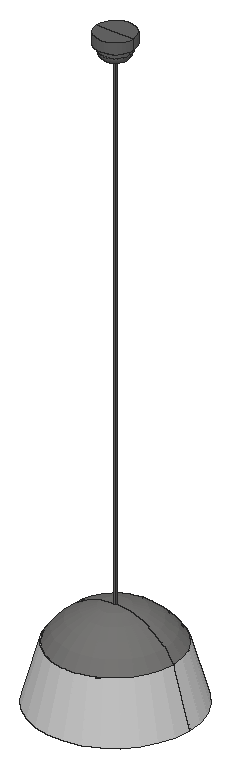
Revit family "OSDDF Metal Fabric MB 22,30,36", category Lighting Fixtures, Revit 2020
Family settings
  Round Connector Dimension = Use Diameter
  Part Type = Normal
  OmniClass Number = 23.80.70.00
  OmniClass Title = Lighting
  Work Plane-Based = No
  Always vertical = Yes
  Cut with Voids When Loaded = No
  Light Source = Yes
  Shared = No
  Room Calculation Point = No
Parameters (values of type "OSDDF22")
  b = 0' - 3"
  a = 1' - 1"
  Weight = "13.0 lbs"
  Wattage Comments = "200 W"
  Wattage = 20.1963 W
  Warranty = "5 year limited warranty"  # constant formula
  built-in parameter 1150110 = 1 (stored number, unit not read)
  Voltage = 120 V
  URL = "https://www.anplighting.com/assets/Uploads/product-attachments/specification-sheets/ANP-Specification-Sheet-RLM-MB-OSDDF22.pdf"
  built-in parameter 1114217 = 1 (stored number, unit not read)
  Tilt Angle = 90.00°
  built-in parameter 1150109 = 1 (stored number, unit not read)
  built-in parameter 1150134 = 12
  built-in parameter 1150113 = 1 (stored number, unit not read)
  Photometric Web File = "generic"
  OSDDF36 = no
  OSDDF30 = no
  OSDDF22 = yes
  built-in parameter 1150142 = (empty or 0)
  Mounting Option [instance] = 1
  Power Factor = 1
  Post Mount [instance] = Mounting Option = 5  # no
  Placement X axis side [instance] = if(Post Mount, 2' 2 15/32", if(Cord or Stem Mount, 0' 0", if(E36 20 inch, 1' 8 1/4", if(E 6 26 inch, 2' 2", if(E7 41 inch, 3' 5 1/4", 0' 1")))))  # 0' - 0"
  Model = "OSDDF22"
  Manufacturer = "ANP Lighting"  # constant formula
  built-in parameter 1150105 = 238.73 (stored number, unit not read)
  Lumens = 3000 lm
  built-in parameter 1150115 = 1 (stored number, unit not read)
  Load Classification = Lighting
  Light Source Height [instance] = 0' - 0"
  built-in parameter 1150137 = (empty or 0)
  built-in parameter 1150139 = (empty or 0)
  Light Elevation _2 [instance] = if(Post Mount, 0' 0.66142", if(E7 41 inch, 0' 0.66142", if(E36 20 inch, 0' 1.65748", if(E 6 26 inch, 0' 1.53543", if(Cord or Stem Mount, (0' 4.3622" + Cord Length), 0' 0")))))  # 6' - 4.3622"
  Light Elevation _1 [instance] = if(Post Mount, 0' 0", if(E7 41 inch, 0' 0", if(E36 20 inch, 0' 1", if(E 6 26 inch, 0' 0.87402", if(Cord or Stem Mount, (0' 3.66142" + Cord Length), 0' 0")))))  # 6' - 3.66142"
  Light Elevation [instance] = if(Post Mount, 14' 0.5315", if(E7 41 inch, 0' 0", 0' 0"))  # 0' - 0"
  Life = "L70 50,000 hours"  # constant formula
  built-in parameter 1150112 = 1 (stored number, unit not read)
  built-in parameter 1150114 = 1 (stored number, unit not read)
  Lamp = "MB"
  built-in parameter 1150132 = 2
  built-in parameter 1150102 = (empty or 0)
  built-in parameter 1150107 = 4000 (stored number, unit not read)
  built-in parameter 1150138 = (empty or 0)
  built-in parameter 1150106 = 2.3873 (stored number, unit not read)
  HUB = Texture Black
  Fixture Height = 1' - 1"
  Fixture Diameter = 1' - 10"
  Efficiency = "65-125 lumens per watt"  # constant formula
  built-in parameter 1150104 = 13.8 (stored number, unit not read)
  E7 41 inch [instance] = Mounting Option = 4  # no
  E36 20 inch [instance] = Mounting Option = 3  # no
  E 6 26 inch [instance] = Mounting Option = 2  # no
  Dimming Lamp Color Temperature Shift = <None>
  Dimming = "1%"  # constant formula
  Description = "120-277 Voltage"  # constant formula
  Default Elevation = 0' - 0"
  Cord or Stem Mount [instance] = Mounting Option = 1  # yes
  Cord Length option [instance] = 6
  Cord Length [instance] = if([2' Cord], 2' 0", if([4' Cord], 4' 0", if([8' Cord], 8' 0", if([10' Cord], 10' 0", if([6' Cord], 6' 0", 6' 0")))))  # 6' - 0"
  Construction Material = "Heavy Duty spun aluminum."  # constant formula
  Color Filter = 16777215
  Canopy Body = GY
  CRI = ">90"  # constant formula
  Bulb = Glass
  Body Material = body
  Body Colour = "Spun aluminium"  # constant formula
  built-in parameter 1114218 = 1 (stored number, unit not read)
  built-in parameter 1150133 = 10 (stored number, unit not read)
  Apparent Load = 200 VA
  8' Cord [instance] = Cord Length option = 8  # no
  6' Cord [instance] = Cord Length option = 6  # yes
  4' Cord [instance] = Cord Length option = 4  # no
  2' Cord [instance] = Cord Length option = 2  # no
  10' Cord [instance] = Cord Length option = 10  # no
Types (4): name | a | Weight | Wattage Comments | URL | OSDDF36 | OSDDF30 | OSDDF22 | Model | Fixture Height | Fixture Diameter
  (no name) | 1' - 1" | "13.0 lbs" | "200 W" | "https://www.anplighting.com/assets/Uploads/product-attachments/specification-sheets/ANP-Specification-Sheet-RLM-MB-OSDDF22.pdf" | no | no | yes | "OSDDF22" | 1' - 1" | 1' - 10"
  OSDDF22 | 1' - 1" | "13.0 lbs" | "200 W" | "https://www.anplighting.com/assets/Uploads/product-attachments/specification-sheets/ANP-Specification-Sheet-RLM-MB-OSDDF22.pdf" | no | no | yes | "OSDDF22" | 1' - 1" | 1' - 10"
  OSDDF30 | 1' - 6" | "10.5 lbs" | "200W" | "https://www.anplighting.com/assets/Uploads/product-attachments/specification-sheets/ANP-Specification-Sheet-RLM-MB-OSDDF30.pdf" | no | yes | no | "OSDDF30" | 1' - 5 1/2" | 2' - 6"
  OSDDF36 | 1' - 8" | "11.5 lbs" | "200W" | "https://www.anplighting.com/assets/Uploads/product-attachments/specification-sheets/ANP-Specification-Sheet-RLM-MB-OSDDF36.pdf" | yes | no | no | "OSDDF36" | 1' - 9" | 3' - 0"
Reference planes (in)
  plane 1 "Light Source Axis (F/B)": y = 0
  plane 2: z = 0
  plane 3 "Light Source Axis (L/R)": x = 0
  plane 4 "Light Source Elevation": z = 0
  plane 5: z = 0
  plane 6: x = 0
  plane 7 "Bulb Position": z = -76.3622
  plane 8 "Canopy Position": z = -75.66142
  plane 9 "IES": z = -76.3622
  plane 10: z = 164.5315
  plane 11: z = -88.66142
  plane 12: z = -85.66142
  plane 13: z = -83.23029
Dimensions and locks (in)
  "Light Elevation": plane 5 to plane 2
  "Placement X axis side": plane 6 to plane 3 "Light Source Axis (L/R)"
  "Light Elevation _2": plane 5 to plane 7 "Bulb Position"
  "Light Elevation _1": plane 5 to plane 8 "Canopy Position"
  "Light Source Height": plane 7 "Bulb Position" to plane 9 "IES"
  plane 4 "Light Source Elevation" to plane 2 = 0' - 0"
  "a": plane 8 "Canopy Position" to plane 11
  "b": plane 12 to plane 11
  locked: plane 13 to plane 12 at 2.43113
  aligned and locked: level to plane 2
  aligned and locked: plane 1 "Light Source Axis (F/B)" to nested 5
  aligned and locked: nested 5 to plane 2
  aligned and locked: nested 1 to plane 3 "Light Source Axis (L/R)"
  aligned and locked: plane 3 "Light Source Axis (L/R)" to nested 2
  aligned and locked: plane 3 "Light Source Axis (L/R)" to nested 4
  aligned and locked: nested 3 to plane 5
  aligned and locked: plane 3 "Light Source Axis (L/R)" to nested 3
  aligned and locked: plane 3 "Light Source Axis (L/R)" to nested 5
  aligned and locked: plane 1 "Light Source Axis (F/B)" to nested 2
  aligned and locked: plane 1 "Light Source Axis (F/B)" to nested 1
  aligned and locked: plane 1 "Light Source Axis (F/B)" to nested 4
  aligned and locked: plane 1 "Light Source Axis (F/B)" to nested 3
  aligned and locked: plane 2 to nested 1
  aligned and locked: plane 2 to nested 2
  aligned and locked: nested 4 to plane 2
  aligned and locked: imposter light to plane 6
  aligned and locked: plane 12 to imposter light
  aligned and locked: plane 1 "Light Source Axis (F/B)" to nested 6
  aligned and locked: plane 6 to nested 6
  aligned and locked: nested 6 to plane 8 "Canopy Position"
  aligned and locked: plane 1 "Light Source Axis (F/B)" to nested 7
  aligned and locked: plane 6 to nested 7
  aligned and locked: nested 7 to plane 8 "Canopy Position"
  aligned and locked: plane 1 "Light Source Axis (F/B)" to nested 8
  aligned and locked: plane 6 to nested 8
  aligned and locked: nested 8 to plane 8 "Canopy Position"
Nested families (in)
  nested 1: "CORD OR STEM MOUNT" at (0, 0, -75.67), visible <- "Cord or Stem Mount", Cord or Stem Mount <- "Cord or Stem Mount", Body Material <- "Body Material", Light Elevation <- "Light Elevation", Cord Length <- "Cord Length", 10' Cord <- "10' Cord", 2' Cord <- "2' Cord", 4' Cord <- "4' Cord", 6' Cord <- "6' Cord", 8' Cord <- "8' Cord", type "CORD OR STEM MOUNT"
    with Light Elevation 0' - 0", Cord or Stem Mount yes, Cord Length 6' - 0", Body Material body, 8' Cord no, 6' Cord yes, 4' Cord no, 2' Cord no, 10' Cord no
  nested 2: "E6 26 INCH" at (0, 0, 0), visible <- "E 6 26 inch", Chain Length <- "Cord Length", E 6 26 inch <- "E 6 26 inch", Placement X axis side <- "Placement X axis side", Body Material <- "Body Material", Light Elevation <- "Light Elevation", type "E6 26 INCH"
    with Placement X axis side 0' - 0", Light Elevation 0' - 0", E 6 26 inch no, Chain Length 6' - 0", Body Material body
  nested 3: "E7 41 INCH" at (0, 0, 0), Chain Length <- "Cord Length", visible <- "E7 41 inch", E7 41 inch <- "E7 41 inch", Placement X axis side <- "Placement X axis side", Body Material <- "Body Material", Light Elevation <- "Light Elevation", type "E7 41 INCH"
    with Placement X axis side 0' - 0", Light Elevation 0' - 0", E7 41 inch no, Chain Length 6' - 0", Body Material body
  nested 4: "E36 20 INCH" at (0, 0, 0), visible <- "E36 20 inch", E36 20 inch <- "E36 20 inch", Placement X axis side <- "Placement X axis side", Chain Length <- "Cord Length", Body Material <- "Body Material", Light Elevation <- "Light Elevation", type "E36 20 INCH"
    with Placement X axis side 0' - 0", Light Elevation 0' - 0", E36 20 inch no, Chain Length 6' - 0", Body Material body
  nested 5: "POST MOUNT" at (0, 0, 0), visible <- "Post Mount", Post Mount <- "Post Mount", Placement X axis side <- "Placement X axis side", Chain Length <- "Cord Length", Body Material <- "Body Material", Light Elevation <- "Light Elevation", type "POST MOUNT"
    with Post Mount no, Placement X axis side 0' - 0", Light Elevation 0' - 0", Chain Length 6' - 0", Body Material body
  nested 6: "OSDDF22_1" at (0, 0, -75.66142), visible <- "OSDDF22", OSDDF22 <- "OSDDF22", Bulb <- "Bulb", Canopy Body <- "Canopy Body", HUB <- "HUB", Light Elevation <- "Light Elevation", type "OSDDF22_1"
    with OSDDF22 yes, Light Elevation 0' - 0", HUB Texture Black, Canopy Body GY, Bulb Glass
  nested 7: "OSDDF30_1" at (0, 0, -75.66142), Bulb <- "Bulb", Canopy Body <- "Canopy Body", HUB <- "HUB", Light Elevation <- "Light Elevation", visible <- "OSDDF30", OSDDF30 <- "OSDDF30", type "OSDDF30_1"
    with OSDDF30 no, Light Elevation 0' - 0", HUB Texture Black, Canopy Body GY, Bulb Glass
  nested 8: "OSDDF36_1" at (0, 0, -75.66142), Light Elevation <- "Light Elevation", visible <- "OSDDF36", OSDDF36 <- "OSDDF36", Bulb <- "Bulb", Canopy Body <- "Canopy Body", HUB <- "HUB", type "OSDDF36_1"
    with OSDDF36 no, Light Elevation 0' - 0", HUB Texture Black, Canopy Body GY, Bulb Glass
Definition of nested family "CORD OR STEM MOUNT"
  Parameters (values of type "CORD OR STEM MOUNT")
    URL = ""
    Model = ""
    Manufacturer = ""
    Light Elevation [instance] = 1' - 7.69"
    Default Elevation = 0' - 0"
    Cord or Stem Mount [instance] = yes
    Cord Length [instance] = 6' - 0"
    Body Material [instance] = none
    8' Cord [instance] = no
    6' Cord [instance] = no
    4' Cord [instance] = no
    2' Cord [instance] = no
    10' Cord [instance] = no
  Reference planes (in)
    plane 1 "Light Source Axis (F/B)": y = 0
    plane 2: z = 0
    plane 3 "Light Source Axis (L/R)": x = 0
    plane 4 "Light Source Elevation": z = 23.125
    plane 5: z = 91.69
    plane 6: z = 19.69
  Forms (in)
    Extrusion 1, void, not visible
      sketch origin (0, 0, 2.38154) x (1, 0, 0) y (0, 0, 1)
        loop
          circle (0, 4.59925) r 0.16583
      from 1.18594 to 1.75
    Extrusion 2, void, not visible
      sketch origin (0, 0, 2.38154) x (0.707107, -0.707107, 0) y (0, 0, 1)
        loop
          circle (0, 4.59925) r 0.16583
      from 1.18594 to 1.75
    Extrusion 3, void, not visible
      sketch origin (0, 0, 2.38154) x (0.707107, 0.707107, 0) y (0, 0, 1)
        loop
          circle (0, 4.59925) r 0.16583
      from 1.18594 to 1.75
    Extrusion 4, void, not visible
      sketch origin (0, 0, 2.38154) x (0, 1, 0) y (0, 0, 1)
        loop
          circle (0, 4.59925) r 0.16583
      from 1.18594 to 1.75
    Extrusion 5, void, not visible
      sketch origin (0, 0, 2.38154) x (-0.707107, 0.707107, 0) y (0, 0, 1)
        loop
          circle (0, 4.59925) r 0.16583
      from 1.18594 to 1.75
    Extrusion 6, void, not visible
      sketch origin (0, 0, 2.38154) x (-1, 0, 0) y (0, 0, 1)
        loop
          circle (0, 4.59925) r 0.20678
      from 1.18594 to 1.75
    Extrusion 7, void, not visible
      sketch origin (0, 0, 2.38154) x (-0.707107, -0.707107, 0) y (0, 0, 1)
        loop
          circle (0, 4.59925) r 0.16583
      from 1.18594 to 1.75
    Extrusion 8, void, not visible
      sketch origin (0, 0, 2.38154) x (0, -1, 0) y (0, 0, 1)
        loop
          circle (0, 4.59925) r 0.16583
      from 1.18594 to 1.75
    Revolve 9, solid, material <- "Body Material", visible <- "Cord or Stem Mount"
      sketch origin (0, 0, 174.56698) x (1, 0, 0) y (0, 0, 1)
        loop
          line (2.6875, -79.20698) -> (0, -79.20698) -> (0, -82.87698) -> (0.125, -82.87698) -> (0.125, -82.83698) -> (0.75, -82.83698)
          arc (0.75, -82.83698) -> (0.81694, -82.77004) -> (0.75, -82.7031) r 0.06694
          line (0.75, -82.7031) -> (0.89763, -82.7031) -> (1.00223, -82.5985) -> (1.06587, -82.5985)
          arc (1.06587, -82.5985) -> (1.80099, -82.29401) -> (2.10549, -81.55888) r 1.03962
          line (2.10549, -81.55888) -> (2.10549, -81.03899)
          arc (2.10549, -81.03899) -> (2.12951, -80.981) -> (2.1875, -80.95698) r 0.08201
          line (2.1875, -80.95698) -> (2.1875, -80.70698) -> (2.6875, -80.70698) -> (2.6875, -79.20698)
        axis (0, -79.20698) -> (0, -82.87698)
      angle from 0 to 360
    Revolve 10, solid, material <- "Body Material", visible <- "Cord or Stem Mount"
      sketch origin (0, 0, 0) x (1, 0, 0) y (0, 0, 1)
        loop
          line (0, 91.69) -> (-0.125, 91.69) -> (-0.125, 19.69) -> (0, 19.69) -> (0, 91.69)
        axis (0, 19.69) -> (0, 91.69)
      angle from 0 to 360
  Dimensions and locks (in)
    "Light Elevation": plane 6 to plane 2
    "Cord Length": plane 5 to plane 6
    locked: Revolve 10 sketch curve to Revolve 10 sketch curve at 0.125
    aligned and locked: level to plane 2
    aligned and locked: Revolve 10 sketch curve to plane 3 "Light Source Axis (L/R)"
    aligned and locked: Revolve 10 sketch curve to plane 6
    aligned and locked: Revolve 10 sketch curve to plane 5
    aligned and locked: plane 3 "Light Source Axis (L/R)" to Revolve 10 sketch curve
  Automatic sketch dimensions
    Revolve 9 sketch curve to plane 3 "Light Source Axis (L/R)" = 0' - 0"  (x2)
    Revolve 9 sketch curve to plane 5 = 0' - 0"
    plane 3 "Light Source Axis (L/R)" to Revolve 9 sketch curve = 0' - 0 1/8"
    Revolve 9 sketch curve to plane 5 = 0' - 0.17388"
    Revolve 9 sketch curve to Revolve 9 sketch curve = 0' - 0 5/8"
    Revolve 9 sketch curve to Revolve 9 sketch curve = 0' - 0.14763"
    Revolve 9 sketch curve to plane 5 = 0' - 0.27847"
    Revolve 9 sketch curve to Revolve 9 sketch curve = 0' - 0.1046"
    Revolve 9 sketch curve to Revolve 9 sketch curve = 0' - 0.06364"
    Revolve 9 sketch curve to Revolve 9 sketch curve = 0' - 1.03962"
    Revolve 9 sketch curve to Revolve 9 sketch curve = 0' - 0 21/256"
    Revolve 9 sketch curve to Revolve 9 sketch curve = 0' - 0 1/2"  (x2)
    Revolve 9 sketch curve to Revolve 9 sketch curve = 0' - 0.51989"
    Revolve 9 sketch curve to Revolve 9 sketch curve = 0' - 0 1/4"
    Revolve 9 sketch curve to Revolve 9 sketch curve = 0' - 2.3519"
    Revolve 9 sketch curve to Revolve 9 sketch curve = 0' - 1 1/4"
    Revolve 9 sketch curve to Revolve 9 sketch curve = 0' - 0.04"
    Revolve 10 sketch curve to Revolve 10 sketch curve = 0' - 0 1/2"
    Revolve 10 sketch curve to Revolve 10 sketch curve = 0' - 0.42345"
Definition of nested family "OSDDF22_1"
  Parameters (values of type "OSDDF22_1")
    OSDDF22 [instance] = yes
    Light Elevation [instance] = 3' - 0"
    HUB [instance] = none
    Default Elevation = 0' - 0"
    Canopy Body [instance] = none
    Bulb [instance] = none
  Reference planes (in)
    plane 1 "Center (Front/Back)": y = 0
    plane 2: z = 0
    plane 3 "Center (Left/Right)": x = 0
    plane 4: z = 36
  Dimensions and locks (in)
    "Light Elevation": plane 4 to plane 2
    locked: plane 4 to nested 2 at 5.1115
    aligned and locked: plane 2 to level
    aligned and locked: plane 3 "Center (Left/Right)" to nested 1
    aligned and locked: plane 1 "Center (Front/Back)" to nested 1
    aligned and locked: plane 4 to nested 1
  Nested families (in)
    nested 1: "OSDD22F-ASSY" at (0, 0, 23), HUB <- "HUB", Canopy Body <- "Canopy Body", visible <- "OSDDF22", OSDDF22 <- "OSDDF22", type "OSDD22F-ASSY"
      with OSDDF22 yes, HUB none, Canopy Body none
    nested 2: "OSGG MD BULB" at (0, 0, 22.73289), Bulb <- "Bulb", visible <- "OSDDF22", OSDDF22 <- "OSDDF22", type "OSGG MD BULB"
      with Bulb none
  Definition of nested family "OSDD22F-ASSY"
    Parameters (values of type "OSDD22F-ASSY")
      OSDDF22 [instance] = yes
      HUB [instance] = none
      Default Elevation = 0' - 0"
      Canopy Body [instance] = none
    Reference planes (in)
      plane 1 "Center (Front/Back)": y = 0
      plane 2: z = 0
      plane 3 "Center (Left/Right)": x = 0
      plane 4: z = 13
      plane 5: x = -11
      plane 6: z = 8
      plane 7: x = 11
    Forms (in)
      Revolve 1, solid, material <- "Canopy Body", visible <- "OSDDF22"
        sketch origin (0, 0, 0) x (1, 0, 0) y (0, 0, 1)
          loop
            line (-11, 0) -> (-10.90175, 0)
            arc (-10.90175, 0) -> (-9.71126, 3.96724) -> (-8.61889, 7.96261) r 168.09434
            line (-8.61889, 7.96261) -> (-8.60917, 8) -> (-8.70604, 8)
            arc (-8.70604, 8) -> (-9.80347, 3.98579) -> (-11, 0) r 168.00059
          axis (0, 0) -> (0, 8)
        angle from 0 to 360
      Revolve 2, solid, material <- "HUB", visible <- "OSDDF22"
        sketch origin (0, 0, 0) x (1, 0, 0) y (0, 0, 1)
          loop
            line (-8.70604, 8) -> (-8.60917, 8)
            arc (-8.60917, 8) -> (-4.90141, 11.50038) -> (0, 12.90623) r 10.78496
            line (0, 12.90623) -> (0, 13)
            arc (0, 13) -> (-4.99331, 11.61487) -> (-8.70604, 8) r 10.44279
          axis (0, 13) -> (0, 8)
        angle from 0 to 360
    Dimensions and locks (in)
      plane 4 to plane 2 = 1' - 1"
      plane 3 "Center (Left/Right)" to plane 5 = 0' - 11"
      plane 6 to plane 2 = 0' - 8"
      plane 7 to plane 5 = 1' - 10"
      aligned and locked: plane 2 to level
  Definition of nested family "OSGG MD BULB"
    Parameters (values of type "OSGG MD BULB")
      OSDDF22 [instance] = yes
      Default Elevation = 0' - 0"
      Bulb [instance] = none
    Reference planes (in)
      plane 1 "Center (Front/Back)": y = 0
      plane 2: z = 0
      plane 3 "Center (Left/Right)": x = 0
      plane 4: x = -11
      plane 5: z = 8
      plane 6: x = 11
    Forms (in)
      Revolve 1, solid
        sketch origin (0, 0, 0) x (1, 0, 0) y (0, 0, 1)
          loop
            line (0, 6.26711) -> (0.52888, 6.26711) -> (0.64833, 6.38656) -> (0.64833, 7.69749) -> (0.60338, 7.82099) -> (0, 7.82099) -> (0, 6.26711)
          axis (0, 7.82099) -> (0, 6.26711)
        angle from 0 to 360
      Extrusion 2, solid
        sketch origin (0, 0, 0) x (1, 0, 0) y (0, 1, 0)
          loop
            line (-0.25215, 0.13417) -> (-0.25215, -0.15988) -> (0.30767, -0.15988) -> (0.30767, 0.13417) -> (-0.25215, 0.13417)
        from 7.82099 to 8.15561
      Extrusion 3, solid
        sketch origin (0, 0, 0) x (1, 0, 0) y (0, 0, 1)
          loop
            line (0.30767, 8.15561) -> (0.30767, 7.82099) -> (0.34941, 7.82099) -> (0.34941, 8.08825) -> (0.30767, 8.15561)
        from -0.13417 to 0.15988
      Revolve 4, solid
        sketch origin (0, 0, 0.0572) x (1, 0, 0) y (0, 0, 1)
          loop
            line (0.34941, 7.89742) -> (0.44052, 7.89742) -> (0.44052, 7.93962) -> (0.4223, 7.96563) -> (0.38263, 7.96563) -> (0.38263, 7.93181) -> (0.34941, 7.93181) -> (0.34941, 7.89742)
          axis (0.34941, 7.89742) -> (0.44052, 7.89742)
        angle from 0 to 360
    Dimensions and locks (in)
      plane 5 to plane 2 = 0' - 8"
      plane 3 "Center (Left/Right)" to plane 4 = 0' - 11"
      plane 6 to plane 4 = 1' - 10"
      plane 3 "Center (Left/Right)" to Extrusion 2 = 0' - 0.25215"
      aligned and locked: plane 2 to level
      aligned and locked: Extrusion 2 to Revolve 1
      aligned and locked: Extrusion 2 to Extrusion 3
Definition of nested family "E6 26 INCH"
  Parameters (values of type "E6 26 INCH")
    URL = ""
    Placement X axis side [instance] = 2' - 2"
    Model = ""
    Manufacturer = ""
    Light Elevation [instance] = 8' - 4"
    E 6 26 inch [instance] = yes
    Default Elevation = 0' - 0"
    Chain Length [instance] = 0' - 0"
    Body Material [instance] = none
  Reference planes (in)
    plane 1 "Light Source Axis (F/B)": y = 0
    plane 2: z = 0
    plane 3 "Light Source Axis (L/R)": x = 0
    plane 4 "Light Source Elevation": z = 23.125
    plane 5: z = 100
    plane 6: x = -26
    plane 7: z = 99.125
    plane 8: x = -24.12
    plane 9: x = -25.5474
  Forms (in)
    Extrusion 1, void, not visible
      sketch origin (0, 0, 2.38154) x (1, 0, 0) y (0, 0, 1)
        loop
          circle (0, 4.59925) r 0.16583
      from 1.18594 to 1.75
    Extrusion 2, void, not visible
      sketch origin (0, 0, 2.38154) x (0.707107, -0.707107, 0) y (0, 0, 1)
        loop
          circle (0, 4.59925) r 0.16583
      from 1.18594 to 1.75
    Extrusion 3, void, not visible
      sketch origin (0, 0, 2.38154) x (0.707107, 0.707107, 0) y (0, 0, 1)
        loop
          circle (0, 4.59925) r 0.16583
      from 1.18594 to 1.75
    Extrusion 4, void, not visible
      sketch origin (0, 0, 2.38154) x (0, 1, 0) y (0, 0, 1)
        loop
          circle (0, 4.59925) r 0.16583
      from 1.18594 to 1.75
    Extrusion 5, void, not visible
      sketch origin (0, 0, 2.38154) x (-0.707107, 0.707107, 0) y (0, 0, 1)
        loop
          circle (0, 4.59925) r 0.16583
      from 1.18594 to 1.75
    Extrusion 6, void, not visible
      sketch origin (0, 0, 2.38154) x (-1, 0, 0) y (0, 0, 1)
        loop
          circle (0, 4.59925) r 0.20678
      from 1.18594 to 1.75
    Extrusion 7, void, not visible
      sketch origin (0, 0, 2.38154) x (-0.707107, -0.707107, 0) y (0, 0, 1)
        loop
          circle (0, 4.59925) r 0.16583
      from 1.18594 to 1.75
    Extrusion 8, void, not visible
      sketch origin (0, 0, 2.38154) x (0, -1, 0) y (0, 0, 1)
        loop
          circle (0, 4.59925) r 0.16583
      from 1.18594 to 1.75
    Sweep 9, solid, material <- "Body Material", visible <- "E 6 26 inch"
      path origin (-41.25, 0, 168.51693) x (1, 0, 0) y (0, 0, 1)
        loop
          line (17.13, -68.51693) -> (27.68551, -68.51693)
          arc (27.68551, -68.51693) -> (28.47996, -68.34486) -> (29.13202, -67.8595) r 1.92004
          line (29.13202, -67.8595) -> (34.23651, -62.01155)
          arc (34.23651, -62.01155) -> (38.65464, -60.89667) -> (41.25, -64.64193) r 4
          line (41.25, -64.64193) -> (41.25, -69.39193)
      profile origin (-18.84224, 0, 100) x (0, 0, 1) y (0, -1, 0)
        loop
          circle (0, 0) r 0.5
    Revolve 10, solid, material <- "Body Material", visible <- "E 6 26 inch"
      sketch origin (-26, 0, 168.51693) x (1, 0, 0) y (0, 0, 1)
        loop
          line (0, -66.07943) -> (0, -68.51693) -> (1.88, -68.51693) -> (1.88, -67.69272) -> (0.4526, -67.69272) -> (0.4526, -66.54122) -> (0.33125, -66.54122) -> (0.33125, -66.07943) -> (0, -66.07943)
        axis (0, -68.51693) -> (1.88, -68.51693)
      angle from 0 to 360
    Extrusion 11, solid, material <- "Body Material", visible <- "E 6 26 inch"
      sketch origin (-26, 0, 168.51693) x (0, -1, 0) y (0, 0, -1)
        loop
          line (0.25, 68.51693) -> (0.25, 69.51693) -> (-0.25, 69.51693) -> (-0.25, 68.51693) -> (0.25, 68.51693)
      from 0.4526 to 1.88
  Cuts and joins
    joined: Revolve 10, Extrusion 11
  Dimensions and locks (in)
    "Light Elevation": plane 5 to plane 2
    "Placement X axis side": plane 3 "Light Source Axis (L/R)" to plane 6
    locked: plane 5 to plane 7 at 0.875
    Revolve 10 sketch curve to Revolve 10 sketch curve to Revolve 10 sketch curve to plane 6 = 0' - 1.4274" locked, 0' - 0.12135" locked, 0' - 0.33125" locked
    Revolve 10 sketch curve to Revolve 10 sketch curve to Revolve 10 sketch curve to plane 5 = 0' - 0.46179" locked, 0' - 1.1515" locked, 0' - 0 211/256" locked
    locked: Sweep 9 sketch curve to plane 6 at 1.88
    locked: Sweep 9 sketch curve to Sweep 9 sketch curve at 10.55551
    locked: Sweep 9 sketch curve to Sweep 9 sketch curve at 13.56449
    locked: Sweep 9 sketch curve to Sweep 9 sketch curve at 4.75
    locked: plane 9 to plane 6 at 0.4526
    locked: plane 8 to plane 9 at 1.4274
    aligned and locked: level to plane 2
    aligned and locked: Revolve 10 sketch curve to plane 6
    aligned and locked: plane 5 to Revolve 10 sketch curve
    aligned and locked: Revolve 10 sketch curve to plane 5
    aligned and locked: cut or joined group of Revolve 10, Extrusion 11 to plane 9
    aligned and locked: plane 8 to cut or joined group of Revolve 10, Extrusion 11
  Automatic sketch dimensions
    Sweep 9 sketch curve to plane 5 = 0' - 0"
    Sweep 9 sketch curve to Sweep 9 sketch curve = 0' - 4"
    Sweep 9 sketch curve to Sweep 9 sketch curve = 0' - 3.01349"
    plane 5 to Sweep 9 sketch curve = 0' - 0.65743"
    Sweep 9 sketch curve to Sweep 9 sketch curve = 0' - 1.4465"
    Sweep 9 sketch curve to plane 5 = 0' - 0 7/8"
    profile plane to Sweep 9 sketch curve = 0' - 0"
    Sweep 9 sketch curve to profile plane = 0' - 0"
    plane 6 to Revolve 10 sketch curve = 0' - 0.62562"
    Revolve 10 sketch curve to Revolve 10 sketch curve = 0' - 0 1/2"
    Extrusion 11 sketch curve to plane 5 = 0' - 0"
    plane 1 "Light Source Axis (F/B)" to Extrusion 11 sketch curve = 0' - 0 1/4"
    Extrusion 11 sketch curve to plane 1 "Light Source Axis (F/B)" = 0' - 0 1/4"
    plane 5 to Extrusion 11 sketch curve = 0' - 1"
    radius of Sweep 9 sketch curve = 0' - 0 1/2"
Definition of nested family "E7 41 INCH"
  Parameters (values of type "E7 41 INCH")
    URL = ""
    Placement X axis side [instance] = 4' - 2"
    Model = ""
    Manufacturer = ""
    Light Elevation [instance] = 8' - 4"
    E7 41 inch [instance] = yes
    Default Elevation = 0' - 0"
    Chain Length [instance] = 0' - 0"
    Body Material [instance] = none
  Reference planes (in)
    plane 1 "Light Source Axis (F/B)": y = 0
    plane 2: z = 0
    plane 3 "Light Source Axis (L/R)": x = 0
    plane 4 "Light Source Elevation": z = 23.125
    plane 5: z = 100
    plane 6: x = -50
  Forms (in)
    Extrusion 1, void, not visible
      sketch origin (0, 0, 2.38154) x (1, 0, 0) y (0, 0, 1)
        loop
          circle (0, 4.59925) r 0.16583
      from 1.18594 to 1.75
    Extrusion 2, void, not visible
      sketch origin (0, 0, 2.38154) x (0.707107, -0.707107, 0) y (0, 0, 1)
        loop
          circle (0, 4.59925) r 0.16583
      from 1.18594 to 1.75
    Extrusion 3, void, not visible
      sketch origin (0, 0, 2.38154) x (0.707107, 0.707107, 0) y (0, 0, 1)
        loop
          circle (0, 4.59925) r 0.16583
      from 1.18594 to 1.75
    Extrusion 4, void, not visible
      sketch origin (0, 0, 2.38154) x (0, 1, 0) y (0, 0, 1)
        loop
          circle (0, 4.59925) r 0.16583
      from 1.18594 to 1.75
    Extrusion 5, void, not visible
      sketch origin (0, 0, 2.38154) x (-0.707107, 0.707107, 0) y (0, 0, 1)
        loop
          circle (0, 4.59925) r 0.16583
      from 1.18594 to 1.75
    Extrusion 6, void, not visible
      sketch origin (0, 0, 2.38154) x (-1, 0, 0) y (0, 0, 1)
        loop
          circle (0, 4.59925) r 0.20678
      from 1.18594 to 1.75
    Extrusion 7, void, not visible
      sketch origin (0, 0, 2.38154) x (-0.707107, -0.707107, 0) y (0, 0, 1)
        loop
          circle (0, 4.59925) r 0.16583
      from 1.18594 to 1.75
    Extrusion 8, void, not visible
      sketch origin (0, 0, 2.38154) x (0, -1, 0) y (0, 0, 1)
        loop
          circle (0, 4.59925) r 0.16583
      from 1.18594 to 1.75
    Revolve 9, solid, material <- "Body Material", visible <- "E7 41 inch"
      sketch origin (-41.25, 0, 168.39193) x (1, 0, 0) y (0, 0, 1)
        loop
          line (-8.75, -66.20443) -> (-8.75, -68.51693) -> (-6.87, -68.51693) -> (-6.87, -67.69272) -> (-8.2974, -67.69272) -> (-8.2974, -66.54122) -> (-8.41875, -66.54122) -> (-8.41875, -66.20443) -> (-8.75, -66.20443)
        axis (-8.75, -68.51693) -> (-6.87, -68.51693)
      angle from 0 to 360
    Extrusion 10, solid, material <- "Body Material", visible <- "E7 41 inch"
      sketch origin (-41.25, 0, 168.39193) x (0, -1, 0) y (0, 0, -1)
        loop
          line (0.25, 68.51693) -> (0.25, 69.51693) -> (-0.25, 69.51693) -> (-0.25, 68.51693) -> (0.25, 68.51693)
      from -8.2974 to -6.87
    Sweep 11, solid, material <- "Body Material", visible <- "E7 41 inch"
      path origin (-41.25, 0, 168.39193) x (1, 0, 0) y (0, 0, 1)
        loop
          line (-6.87, -68.51693) -> (16.04011, -68.51693)
          arc (16.04011, -68.51693) -> (17.864, -68.13651) -> (19.38375, -67.0587) r 4.5625
          line (19.38375, -67.0587) -> (24.70217, -61.33018)
          arc (24.70217, -61.33018) -> (29.64465, -60.20324) -> (32.5, -64.39193) r 4.5
          line (32.5, -64.39193) -> (32.5, -68.39193)
      profile origin (-36.66494, 0, 99.875) x (0, 0, 1) y (0, -1, 0)
        loop
          circle (0, 0) r 0.5
  Dimensions and locks (in)
    "Placement X axis side": plane 3 "Light Source Axis (L/R)" to plane 6
    "Light Elevation": plane 5 to plane 2
    locked: Revolve 9 sketch curve to Revolve 9 sketch curve at 0.33125
    locked: Revolve 9 sketch curve to Revolve 9 sketch curve at 0.4526
    locked: Revolve 9 sketch curve to Revolve 9 sketch curve at 1.88
    locked: Revolve 9 sketch curve to Revolve 9 sketch curve at 0.82421
    locked: Revolve 9 sketch curve to Revolve 9 sketch curve at 1.1515
    locked: Revolve 9 sketch curve to Revolve 9 sketch curve at 0.33679
    locked: plane 5 to Revolve 9 sketch curve at 0.125
    locked: Extrusion 10 sketch curve to Extrusion 10 sketch curve at 0.5
    locked: Extrusion 10 sketch curve to Extrusion 10 sketch curve at 1
    locked: plane 5 to Extrusion 10 sketch curve at 0.125
    locked: plane 5 to Sweep 11 sketch curve at 0.125
    locked: Sweep 11 sketch curve to Sweep 11 sketch curve at 39.37
    locked: Sweep 11 sketch curve to Sweep 11 sketch curve at 4
    locked: plane 6 to Extrusion 10 at 0.4526
    locked: Sweep 11 sketch curve to plane 6 at 1.88
    locked: Extrusion 10 to Extrusion 10 at 1.4274
    aligned and locked: plane 2 to level
    aligned and locked: Revolve 9 sketch curve to plane 6
  Automatic sketch dimensions
    Revolve 9 sketch curve to plane 5 = 0' - 0 1/8"
    plane 6 to Revolve 9 sketch curve = 0' - 0.62562"
    Revolve 9 sketch curve to Revolve 9 sketch curve = 0' - 0 1/2"
    plane 1 "Light Source Axis (F/B)" to Extrusion 10 sketch curve = 0' - 0 1/4"
    Sweep 11 sketch curve to plane 5 = 0' - 0"
    Sweep 11 sketch curve to Sweep 11 sketch curve = 0' - 4 1/2"
    Sweep 11 sketch curve to Sweep 11 sketch curve = 0' - 3.29783"
    plane 5 to Sweep 11 sketch curve = 0' - 1.33323"
    Sweep 11 sketch curve to Sweep 11 sketch curve = 0' - 5.31842"
    Sweep 11 sketch curve to Sweep 11 sketch curve = 0' - 3.34364"
    profile plane to Sweep 11 sketch curve = 0' - 0"
    Sweep 11 sketch curve to profile plane = 0' - 0"
    radius of Sweep 11 sketch curve = 0' - 0 1/2"
Definition of nested family "E36 20 INCH"
  Parameters (values of type "E36 20 INCH")
    URL = ""
    Placement X axis side [instance] = 1' - 8 1/4"
    Model = ""
    Manufacturer = ""
    Light Elevation [instance] = 8' - 4"
    E36 20 inch [instance] = yes
    Default Elevation = 0' - 0"
    Chain Length [instance] = 0' - 0"
    Body Material [instance] = none
  Reference planes (in)
    plane 1 "Light Source Axis (F/B)": y = 0
    plane 2: z = 0
    plane 3 "Light Source Axis (L/R)": x = 0
    plane 4 "Light Source Elevation": z = 23.125
    plane 5: z = 99
    plane 6: x = -20.25
    plane 7: z = 100
    plane 8: x = -18.37008
    plane 9: x = -19.79724
  Forms (in)
    Extrusion 1, void, not visible
      sketch origin (0, 0, 2.38154) x (1, 0, 0) y (0, 0, 1)
        loop
          circle (0, 4.59925) r 0.16583
      from 1.18594 to 1.75
    Extrusion 2, void, not visible
      sketch origin (0, 0, 2.38154) x (0.707107, -0.707107, 0) y (0, 0, 1)
        loop
          circle (0, 4.59925) r 0.16583
      from 1.18594 to 1.75
    Extrusion 3, void, not visible
      sketch origin (0, 0, 2.38154) x (0.707107, 0.707107, 0) y (0, 0, 1)
        loop
          circle (0, 4.59925) r 0.16583
      from 1.18594 to 1.75
    Extrusion 4, void, not visible
      sketch origin (0, 0, 2.38154) x (0, 1, 0) y (0, 0, 1)
        loop
          circle (0, 4.59925) r 0.16583
      from 1.18594 to 1.75
    Extrusion 5, void, not visible
      sketch origin (0, 0, 2.38154) x (-0.707107, 0.707107, 0) y (0, 0, 1)
        loop
          circle (0, 4.59925) r 0.16583
      from 1.18594 to 1.75
    Extrusion 6, void, not visible
      sketch origin (0, 0, 2.38154) x (-1, 0, 0) y (0, 0, 1)
        loop
          circle (0, 4.59925) r 0.20678
      from 1.18594 to 1.75
    Extrusion 7, void, not visible
      sketch origin (0, 0, 2.38154) x (-0.707107, -0.707107, 0) y (0, 0, 1)
        loop
          circle (0, 4.59925) r 0.16583
      from 1.18594 to 1.75
    Extrusion 8, void, not visible
      sketch origin (0, 0, 2.38154) x (0, -1, 0) y (0, 0, 1)
        loop
          circle (0, 4.59925) r 0.16583
      from 1.18594 to 1.75
    Sweep 9, solid, material <- "Body Material", visible <- "E36 20 inch"
      path origin (-41.25, 0, 169.51693) x (1, 0, 0) y (0, 0, 1)
        loop
          line (22.88, -69.51693) -> (28.93827, -69.51693)
          arc (28.93827, -69.51693) -> (29.97705, -69.28152) -> (30.81284, -68.62128) r 2.40953
          line (30.81284, -68.62128) -> (34.13807, -64.50378)
          arc (34.13807, -64.50378) -> (38.58272, -63.24548) -> (41.25, -67.01693) r 4
          line (41.25, -67.01693) -> (41.25, -70.51693)
      profile origin (-15.34086, 0, 100) x (0, 0, 1) y (0, -1, 0)
        loop
          circle (0, 0) r 0.5
    Revolve 10, solid, material <- "Body Material", visible <- "E36 20 inch"
      sketch origin (-20.25, 0, 169.51693) x (1, 0, 0) y (0, 0, 1)
        loop
          line (0, -67.20443) -> (0, -69.51693) -> (1.88, -69.51693) -> (1.88, -68.69272) -> (0.4526, -68.69272) -> (0.4526, -67.54122) -> (0.33125, -67.54122) -> (0.33125, -67.20443) -> (0, -67.20443)
        axis (0, -69.51693) -> (1.88, -69.51693)
      angle from 0 to 360
    Extrusion 11, solid, material <- "Body Material", visible <- "E36 20 inch"
      sketch origin (-20.25, 0, 169.51693) x (0, -1, 0) y (0, 0, -1)
        loop
          line (0.25, 69.51693) -> (0.25, 70.51693) -> (-0.25, 70.51693) -> (-0.25, 69.51693) -> (0.25, 69.51693)
      from 1.87992 to 0.45276
  Cuts and joins
    joined: Revolve 10, Extrusion 11
  Dimensions and locks (in)
    "Light Elevation": plane 7 to plane 2
    "Placement X axis side": plane 3 "Light Source Axis (L/R)" to plane 6
    locked: plane 7 to plane 5 at 1
    Revolve 10 sketch curve to Revolve 10 sketch curve to Revolve 10 sketch curve to plane 7 = 0' - 0.33679" locked, 0' - 1.1515" locked, 0' - 0 211/256" locked
    locked: Sweep 9 sketch curve to plane 6 at 1.88
    locked: Sweep 9 sketch curve to Sweep 9 sketch curve at 6.05827
    locked: Sweep 9 sketch curve to Sweep 9 sketch curve at 12.31173
    locked: Sweep 9 sketch curve to Sweep 9 sketch curve at 3.5
    Revolve 10 sketch curve to Revolve 10 sketch curve to Revolve 10 sketch curve to plane 6 = 0' - 1.4274" locked, 0' - 0.12135" locked, 0' - 0.33125" locked
    locked: plane 9 to plane 6 at 0.45276
    locked: plane 8 to plane 9 at 1.42717
    aligned and locked: level to plane 2
    aligned and locked: plane 7 to Revolve 10 sketch curve
    aligned and locked: Revolve 10 sketch curve to plane 7
    aligned and locked: Revolve 10 sketch curve to plane 6
    aligned and locked: cut or joined group of Revolve 10, Extrusion 11 to plane 9
    aligned and locked: plane 8 to cut or joined group of Revolve 10, Extrusion 11
  Automatic sketch dimensions
    Sweep 9 sketch curve to plane 7 = 0' - 0"
    Sweep 9 sketch curve to plane 5 = 0' - 0"
    Sweep 9 sketch curve to Sweep 9 sketch curve = 0' - 4"
    Sweep 9 sketch curve to plane 7 = 0' - 0.89565"
    Sweep 9 sketch curve to Sweep 9 sketch curve = 0' - 3.32523"
    Sweep 9 sketch curve to Sweep 9 sketch curve = 0' - 1.87457"
    profile plane to Sweep 9 sketch curve = 0' - 0"
    Sweep 9 sketch curve to profile plane = 0' - 0"
    plane 6 to Revolve 10 sketch curve = 0' - 0.62562"
    Revolve 10 sketch curve to Revolve 10 sketch curve = 0' - 0 1/2"
    plane 7 to Extrusion 11 sketch curve = 0' - 0"
    Extrusion 11 sketch curve to plane 5 = 0' - 0"
    plane 1 "Light Source Axis (F/B)" to Extrusion 11 sketch curve = 0' - 0 1/4"
    Extrusion 11 sketch curve to plane 1 "Light Source Axis (F/B)" = 0' - 0 1/4"
    radius of Sweep 9 sketch curve = 0' - 0 1/2"
Definition of nested family "POST MOUNT"
  Parameters (values of type "POST MOUNT")
    URL = ""
    Post Mount [instance] = yes
    Placement X axis side [instance] = 2' - 2 1/2"
    Model = ""
    Manufacturer = ""
    Light Elevation [instance] = 14' - 0.5168"
    Default Elevation = 0' - 0"
    Chain Length [instance] = 0' - 0"
    Body Material [instance] = none
  Reference planes (in)
    plane 1 "Light Source Axis (F/B)": y = 0
    plane 2: z = 0
    plane 3 "Light Source Axis (L/R)": x = 0
    plane 4 "Light Source Elevation": z = 23.125
    plane 5: x = -26.5
    plane 6: z = 168.5168
  Forms (in)
    Extrusion 1, void, not visible
      sketch origin (0, 0, 2.38154) x (1, 0, 0) y (0, 0, 1)
        loop
          circle (0, 4.59925) r 0.16583
      from 1.18594 to 1.75
    Extrusion 2, void, not visible
      sketch origin (0, 0, 2.38154) x (0.707107, -0.707107, 0) y (0, 0, 1)
        loop
          circle (0, 4.59925) r 0.16583
      from 1.18594 to 1.75
    Extrusion 3, void, not visible
      sketch origin (0, 0, 2.38154) x (0.707107, 0.707107, 0) y (0, 0, 1)
        loop
          circle (0, 4.59925) r 0.16583
      from 1.18594 to 1.75
    Extrusion 4, void, not visible
      sketch origin (0, 0, 2.38154) x (0, 1, 0) y (0, 0, 1)
        loop
          circle (0, 4.59925) r 0.16583
      from 1.18594 to 1.75
    Extrusion 5, void, not visible
      sketch origin (0, 0, 2.38154) x (-0.707107, 0.707107, 0) y (0, 0, 1)
        loop
          circle (0, 4.59925) r 0.16583
      from 1.18594 to 1.75
    Extrusion 6, void, not visible
      sketch origin (0, 0, 2.38154) x (-1, 0, 0) y (0, 0, 1)
        loop
          circle (0, 4.59925) r 0.20678
      from 1.18594 to 1.75
    Extrusion 7, void, not visible
      sketch origin (0, 0, 2.38154) x (-0.707107, -0.707107, 0) y (0, 0, 1)
        loop
          circle (0, 4.59925) r 0.16583
      from 1.18594 to 1.75
    Extrusion 8, void, not visible
      sketch origin (0, 0, 2.38154) x (0, -1, 0) y (0, 0, 1)
        loop
          circle (0, 4.59925) r 0.16583
      from 1.18594 to 1.75
    Revolve 9, solid, material <- "Body Material", visible <- "Post Mount"
      sketch origin (-7.90508, 0, 0) x (1, 0, 0) y (0, 0, 1)
        loop
          line (-18.59492, 3.92912) -> (-16.29831, 3.92912) -> (-16.29831, 4.2668) -> (-16.91413, 4.2668) -> (-16.91413, 134.5168) -> (-17.16413, 134.5168) -> (-17.16413, 137.3918) -> (-17.05979, 137.3918)
          arc (-17.05979, 137.3918) -> (-16.93479, 137.5168) -> (-17.05979, 137.6418) r 0.125
          line (-17.05979, 137.6418) -> (-17.48032, 137.6418) -> (-17.48032, 139.0793) -> (-17.73032, 139.0793) -> (-17.73032, 139.5793) -> (-18.59492, 139.5793) -> (-18.59492, 3.92912)
        axis (-18.59492, 139.5793) -> (-18.59492, 3.92912)
      angle from 0 to 360
    Extrusion 10, solid, material <- "Body Material", visible <- "Post Mount"
      sketch origin (0, 0, 0) x (1, 0, 0) y (0, 1, 0)
        loop
          line (-20.5, 5.93079) -> (-32.5, 5.93079) -> (-32.5, -6.06921) -> (-20.5, -6.06921) -> (-20.5, 5.93079)
      from 0 to 3.92912
    Sweep 11, solid, material <- "Body Material", visible <- "Post Mount"
      path origin (0, 0, 48.5) x (1, 0, 0) y (0, 0, 1)
        loop
          line (0, 120.0168) -> (0, 128.0168)
          arc (0, 128.0168) -> (-13.25, 141.2668) -> (-26.5, 128.0168) r 13.25
          line (-26.5, 128.0168) -> (-26.5, 91.0793)
      profile origin (0, 0, 172.5168) x (-1, 0, 0) y (0, -1, 0)
        loop
          circle (0, 0) r 0.5
    Revolve 12, solid, material <- "Body Material", visible <- "Post Mount"
      sketch origin (0, 0, 0) x (1, 0, 0) y (0, 0, 1)
        loop
          line (0, 168.5168) -> (0.75, 168.5168) -> (0.75, 170.7668) -> (0, 170.7668) -> (0, 168.5168)
        axis (0, 170.7668) -> (0, 168.5168)
      angle from 0 to 360
  Cuts and joins
    joined: Revolve 9, Extrusion 10, Sweep 11, Revolve 12
  Dimensions and locks (in)
    "Placement X axis side": plane 3 "Light Source Axis (L/R)" to plane 5
    "Light Elevation": plane 6 to plane 2
    locked: Revolve 12 sketch curve to plane 5 at 26.5  (x2)
    locked: Revolve 9 sketch curve to plane 2 at 3.92912
    locked: Revolve 9 sketch curve to plane 5 at 2.29661
    locked: Revolve 9 sketch curve to plane 5 at 1.68079
    locked: Revolve 9 sketch curve to plane 5 at 1.43079
    locked: Revolve 9 sketch curve to plane 5 at 1.11461
    locked: Revolve 9 sketch curve to plane 5 at 0.86461
    locked: Revolve 9 sketch curve to Revolve 9 sketch curve at 130.58768
    locked: Revolve 9 sketch curve to Revolve 9 sketch curve at 2.875
    locked: Revolve 9 sketch curve to Revolve 9 sketch curve at 0.25
    locked: Revolve 9 sketch curve to Revolve 9 sketch curve at 1.4375
    locked: Revolve 9 sketch curve to Revolve 9 sketch curve at 0.5
    locked: Sweep 11 sketch curve to Sweep 11 sketch curve at 26.5
    locked: Revolve 12 sketch curve to Revolve 12 sketch curve at 0.75
    locked: cut or joined group of Revolve 9, Extrusion 10, Sweep 11, Revolve 12 to plane 2 at 139.5793
    aligned and locked: level to plane 2
    aligned and locked: plane 5 to Sweep 11 sketch curve
    aligned and locked: Revolve 9 sketch curve to plane 5
  Automatic sketch dimensions
    Revolve 9 sketch curve to plane 5 = 0' - 0"
    Revolve 9 sketch curve to Revolve 9 sketch curve = 0' - 0.10434"
    Revolve 9 sketch curve to Revolve 9 sketch curve = 0' - 0.33768"
    Revolve 9 sketch curve to Revolve 9 sketch curve = 0' - 0 1/4"
    Revolve 9 sketch curve to Revolve 9 sketch curve = 0' - 0 7/16"
    Extrusion 10 sketch curve to plane 5 = 0' - 6"
    plane 5 to Extrusion 10 sketch curve = 0' - 6"
    plane 1 "Light Source Axis (F/B)" to Extrusion 10 sketch curve = 0' - 6.06921"
    Extrusion 10 sketch curve to plane 1 "Light Source Axis (F/B)" = 0' - 5.93079"
    Sweep 11 sketch curve to profile plane = 0' - 0"
    profile plane to Sweep 11 sketch curve = 0' - 0"
    Sweep 11 sketch curve to plane 6 = 0' - 0"
    Sweep 11 sketch curve to plane 6 = 0' - 8"
    plane 6 to Sweep 11 sketch curve = 2' - 4 15/16"
    Revolve 12 sketch curve to plane 6 = 0' - 0"
    Revolve 12 sketch curve to plane 6 = 0' - 2 1/4"
    Revolve 12 sketch curve to Revolve 12 sketch curve = 0' - 0 1/2"
    Revolve 12 sketch curve to Revolve 12 sketch curve = 0' - 0"
    radius of Sweep 11 sketch curve = 0' - 0 1/2"
Definition of nested family "OSDDF36_1"
  Parameters (values of type "OSDDF36_1")
    OSDDF36 [instance] = yes
    Light Elevation [instance] = 4' - 0"
    HUB [instance] = none
    Default Elevation = 0' - 0"
    Canopy Body [instance] = none
    Bulb [instance] = none
  Reference planes (in)
    plane 1 "Center (Front/Back)": y = 0
    plane 2: z = 0
    plane 3 "Center (Left/Right)": x = 0
    plane 4: z = 48
  Dimensions and locks (in)
    "Light Elevation": plane 4 to plane 2
    locked: plane 4 to nested 2 at 8.1115
    aligned and locked: plane 2 to level
    aligned and locked: plane 3 "Center (Left/Right)" to nested 1
    aligned and locked: plane 1 "Center (Front/Back)" to nested 1
    aligned and locked: plane 4 to nested 1
  Nested families (in)
    nested 1: "OSDD36F-ASSY" at (0, 0, 27), OSDDF36 <- "OSDDF36", visible <- "OSDDF36", Canopy Body <- "Canopy Body", HUB <- "HUB", type "OSDD36F-ASSY"
      with OSDDF36 yes, HUB none, Canopy Body none
    nested 2: "MD BULB" at (0, 0, 31.73289), Bulb <- "Bulb", visible <- "OSDDF36", type "MD BULB"
      with Bulb none
  Definition of nested family "OSDD36F-ASSY"
    Parameters (values of type "OSDD36F-ASSY")
      OSDDF36 [instance] = yes
      HUB [instance] = none
      Default Elevation = 0' - 0"
      Canopy Body [instance] = none
    Reference planes (in)
      plane 1 "Center (Front/Back)": y = 0
      plane 2: z = 0
      plane 3 "Center (Left/Right)": x = 0
      plane 4: z = 21
      plane 5: x = -18
      plane 6: z = 13
      plane 7: x = 18
    Forms (in)
      Revolve 1, solid, material <- "Canopy Body", visible <- "OSDDF36"
        sketch origin (0, 0, 0) x (1, 0, 0) y (0, 0, 1)
          loop
            line (-18, 0) -> (-17.90175, 0)
            arc (-17.90175, 0) -> (-16.66584, 6.4842) -> (-15.60917, 13) r 239.40048
            line (-15.60917, 13) -> (-15.70604, 13)
            arc (-15.70604, 13) -> (-16.75966, 6.48353) -> (-18, 0) r 229.80962
          axis (0, 0) -> (0, 13)
        angle from 0 to 360
      Revolve 2, solid, material <- "HUB", visible <- "OSDDF36"
        sketch origin (0, 0, 0) x (1, 0, 0) y (0, 0, 1)
          loop
            line (-15.70604, 13) -> (-15.60917, 13)
            arc (-15.60917, 13) -> (-8.70918, 18.74629) -> (0, 20.93261) r 20.19121
            line (0, 20.93261) -> (0, 21)
            arc (0, 21) -> (-8.79095, 18.84139) -> (-15.70604, 13) r 19.82584
          axis (0, 21) -> (0, 13)
        angle from 0 to 360
    Dimensions and locks (in)
      plane 4 to plane 2 = 1' - 9"
      plane 3 "Center (Left/Right)" to plane 5 = 1' - 6"
      plane 6 to plane 2 = 1' - 1"
      plane 7 to plane 5 = 3' - 0"
      equal spacing: plane 7, plane 3 "Center (Left/Right)", plane 5
      aligned and locked: plane 2 to level
    Automatic sketch dimensions
      Revolve 2 sketch curve to plane 6 = 0' - 0"
      Revolve 2 sketch curve to plane 3 "Center (Left/Right)" = 0' - 0"  (x2)
      Revolve 2 sketch curve to plane 4 = 0' - 0"
      plane 5 to Revolve 2 sketch curve = 0' - 2.39083"
      Revolve 2 sketch curve to Revolve 2 sketch curve = 0' - 0.09687"
      plane 3 "Center (Left/Right)" to Revolve 2 sketch curve = 0' - 0.20745"
      plane 3 "Center (Left/Right)" to Revolve 2 sketch curve = 0' - 0.43852"
      Revolve 2 sketch curve to Revolve 2 sketch curve = 0' - 0.42908"
      plane 6 to Revolve 2 sketch curve = 0' - 2"
      Revolve 2 sketch curve to Revolve 2 sketch curve = 0' - 1 13/32"
      Revolve 1 sketch curve to level = 0' - 0"
      Revolve 1 sketch curve to plane 5 = 0' - 0"
      Revolve 1 sketch curve to plane 6 = 0' - 0"
      Revolve 1 sketch curve to plane 3 "Center (Left/Right)" = 0' - 0"
      plane 4 to Revolve 1 sketch curve = 2' - 1.41846"
      Revolve 1 sketch curve to plane 5 = 18' - 9.07285"
      Revolve 1 sketch curve to Revolve 1 sketch curve = 0' - 9.35542"
      plane 5 to Revolve 1 sketch curve = 0' - 0.09825"
      Revolve 1 sketch curve to Revolve 1 sketch curve = 0' - 1.64295"
      level to Revolve 1 sketch curve = 0' - 4"
      Revolve 1 sketch curve to Revolve 1 sketch curve = 0' - 1 3/4"
  Definition of nested family "MD BULB"
    Parameters (values of type "MD BULB")
      OSDDF36 [instance] = yes
      Default Elevation = 0' - 0"
      Bulb [instance] = none
    Reference planes (in)
      plane 1 "Center (Front/Back)": y = 0
      plane 2: z = 0
      plane 3 "Center (Left/Right)": x = 0
      plane 4: x = -11
      plane 5: z = 8
      plane 6: x = 11
    Forms (in)
      Revolve 1, solid, material <- "Bulb", visible <- "OSDDF36"
        sketch origin (0, 0, 0) x (1, 0, 0) y (0, 0, 1)
          loop
            line (0, 6.26711) -> (0.52888, 6.26711) -> (0.64833, 6.38656) -> (0.64833, 7.69749) -> (0.60338, 7.82099) -> (0, 7.82099) -> (0, 6.26711)
          axis (0, 7.82099) -> (0, 6.26711)
        angle from 0 to 360
      Extrusion 2, solid, material <- "Bulb", visible <- "OSDDF36"
        sketch origin (0, 0, 0) x (1, 0, 0) y (0, 1, 0)
          loop
            line (-0.25215, 0.13417) -> (-0.25215, -0.15988) -> (0.30767, -0.15988) -> (0.30767, 0.13417) -> (-0.25215, 0.13417)
        from 7.82099 to 8.15561
      Extrusion 3, solid, material <- "Bulb", visible <- "OSDDF36"
        sketch origin (0, 0, 0) x (1, 0, 0) y (0, 0, 1)
          loop
            line (0.30767, 8.15561) -> (0.30767, 7.82099) -> (0.34941, 7.82099) -> (0.34941, 8.08825) -> (0.30767, 8.15561)
        from -0.13417 to 0.15988
      Revolve 4, solid, material <- "Bulb", visible <- "OSDDF36"
        sketch origin (0, 0, 0.0572) x (1, 0, 0) y (0, 0, 1)
          loop
            line (0.34941, 7.89742) -> (0.44052, 7.89742) -> (0.44052, 7.93962) -> (0.4223, 7.96563) -> (0.38263, 7.96563) -> (0.38263, 7.93181) -> (0.34941, 7.93181) -> (0.34941, 7.89742)
          axis (0.34941, 7.89742) -> (0.44052, 7.89742)
        angle from 0 to 360
    Dimensions and locks (in)
      plane 5 to plane 2 = 0' - 8"
      plane 3 "Center (Left/Right)" to plane 4 = 0' - 11"
      plane 6 to plane 4 = 1' - 10"
      plane 3 "Center (Left/Right)" to Extrusion 2 = 0' - 0.25215"
      aligned and locked: plane 2 to level
      aligned and locked: Extrusion 2 to Revolve 1
      aligned and locked: Extrusion 2 to Extrusion 3
